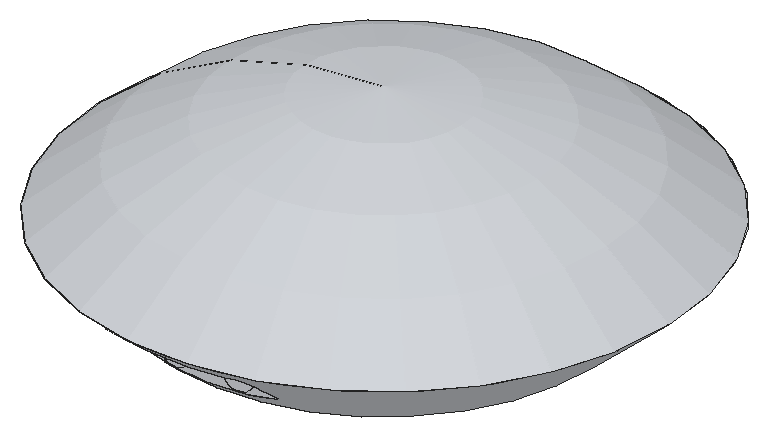
Revit family "0049008 Sylvania Lighting Fixture Start Surface IP66 1450lm 830 EM IK10 WHT", category Lighting Fixtures, host Face, Revit 2016
Family settings
  Host = Face
  Part Type = Normal
  Round Connector Dimension = Use Diameter
  OmniClass Number = 23.80.70.00
  OmniClass Title = Lighting
  Cut with Voids When Loaded = No
  Light Source = Yes
  Shared = No
  Room Calculation Point = No
Parameters (values of type "Type Name")
  power entry width = 90 mm
  power entry height = 28 mm
  power connector height = 12.5 mm
  power connector centres = 39 mm
  height = 110 mm
  connector position 2 = 40 mm
  connector length = 2 mm
  base height = 40 mm
  backplate diameter = 256 mm
  Weight = ""
  Wattage Comments = ""
  Wattage = 9.2903 W
  WarrantyStartDate [instance] = "n/a"
  WarrantyGuarantorParts = "n/a"
  WarrantyDurationUnit = "n/a"
  WarrantyDurationParts = "n/a"
  WarrantyDescription = "n/a"
  built-in parameter 1150110 = 1 (stored number, unit not read)
  Voltage = 0 V
  URL = "http://www.feilosylvania.com"
  TypeName = ""
  Type Image = <None>
  Type Comments = "n/a"
  Tube Diameter = 80 mm
  built-in parameter 1114217 = 1 (stored number, unit not read)
  Tilt Angle = 90.00°
  built-in parameter 1150109 = 1 (stored number, unit not read)
  built-in parameter 1150134 = 3
  built-in parameter 1150113 = 1 (stored number, unit not read)
  SerialNumber [instance] = "n/a"
  Photometric Web File = "0049008.ies"
  Material_3_FEILO = none
  PowerFactor = 0
  PowerConsumption = ""
  NominalLength = 0 mm
  NominalHeight = 0 mm
  NominalDepth = 0 mm
  Name = ""
  ModelReference = Name  # ""
  ModelNumber = ""
  Model = Name  # ""
  Material = ""
  ManufacturerName = "Feilo Sylvania"
  Manufacturer = "Feilo Sylvania"
  LuminousEfficacy = ""
  built-in parameter 1150105 = 109.82 (stored number, unit not read)
  Lumens = 1380 lm
  LuminaireType = ""
  built-in parameter 1150115 = 1 (stored number, unit not read)
  LightOutputRatio = ""
  built-in parameter 1150137 = (empty or 0)
  built-in parameter 1150139 = (empty or 0)
  LampsType = Lamp  # ""
  LampNominalLuminous = ""
  LampMacAdamStep = ""
  LampColourTemperature = ""
  LampColourRenderingIndex = ""
  built-in parameter 1150112 = 1 (stored number, unit not read)
  built-in parameter 1150114 = 1 (stored number, unit not read)
  Lamp = ""
  Keynote = "16500"
  InstallationDate [instance] = "n/a"
  InputVoltage = ""
  InputNominalFrequency = ""
  built-in parameter 1150132 = (empty or 0)
  built-in parameter 1150102 = (empty or 0)
  built-in parameter 1150107 = 3200 (stored number, unit not read)
  built-in parameter 1150138 = (empty or 0)
  IngressProtection = ""
  ImpactProtectionIndex = ""
  built-in parameter 1150106 = 1.0982 (stored number, unit not read)
  IfcExportType = "IfcLightFixtureType"
  IfcExportAs = "IfcLightFixtureType"
  Height = 250 mm
  ExpectedLife = 50000
  Emit from Circle Diameter = 609.6 mm
  Emit Shape Visible in Rendering = no
  ElectricShockClassification = ""
  built-in parameter 1150104 = 13.8 (stored number, unit not read)
  DurationUnit = "hours"
  DocumentationLiterature = ""
  DimmingControlOptions = ""
  Material_2_FEILO = none
  Dimming Lamp Color Temperature Shift = <None>
  Diameter = 350 mm
  Description = ""
  Default Elevation = 1219.2 mm
  CreatedOn = ""
  CreatedBy = ""
  Cost = 0
  Color Filter = 16777215
  built-in parameter 1114216 [instance] = (empty or 0)
  ClassificationValue = "EF_70_80"
  ClassificationName = "Uniclass2015"
  Material_1_FEILO = none
  BarCode [instance] = "n/a"
  built-in parameter 1114218 = 1 (stored number, unit not read)
  built-in parameter 1150133 = 10 (stored number, unit not read)
  AssetType = ""
  AssetIdentifier [instance] = "n/a"
  Assembly Code = "D5020200"
  Apparent Load = 0 VA
  Material_4_FEILO = none
Reference planes
  plane 1 "Center (Front/Back)": y = 0
  plane 2: z = 0
  plane 3 "Center (Left/Right)": x = 0
  plane 4: z = 0
  plane 5: y = 128
  plane 6: y = -128
  plane 7: y = 175
  plane 8: y = -175
  plane 9: z = 40
  plane 10: z = 110
  plane 11: x = -45.686
  plane 12: x = 44.314
  plane 13: z = 5
  plane 14: z = 33
  plane 15: y = -135
  plane 16: x = 19.5
  plane 17: x = -19.5
  plane 18: z = 20.5
  plane 19: y = -137
  plane 20: y = 135
Forms (mm)
  Blend 1, solid, detail levels medium+fine
    base sketch origin (4.2, 0, 0) x (1, 0, 0) y (0, 1, 0)
      loop
        circle (-4.2, 0) r 128
    top sketch origin (4.2, 0, 0) x (1, 0, 0) y (0, 1, 0)
      loop
        circle (-4.2, 0) r 175
    from 0 to 40
  Revolve 2, solid, detail levels medium+fine
    sketch origin (0, 0, 0) x (1, 0, 0) y (0, 0, 1)
      loop
        arc (175, 40) -> (94.148, 91.621) -> (0, 110) r 257.018
        line (0, 110) -> (0, 40) -> (175, 40)
      axis (0, 110) -> (0, 40)
    angle from -180 to 179.914
  Extrusion 3, void
    sketch origin (0, 0, 0) x (1, 0, 0) y (0, 0, 1)
      loop
        line (-45.686, 25.025) -> (-45.686, 5) -> (44.314, 5) -> (44.314, 25.025)
        arc (44.314, 25.025) -> (42.644, 30.018) -> (38.304, 33) r 8.297
        line (38.304, 33) -> (-39.676, 33)
        arc (-39.676, 33) -> (-44.015, 30.018) -> (-45.686, 25.025) r 8.297
    from 135 to 166.869
  Extrusion 4, solid, detail levels fine
    sketch origin (1524, -324.9, 1219.2) x (1, 0, 0) y (0, 0, 1)
      loop
        circle (-1504.5, -1198.7) r 11
      loop
        circle (-1543.5, -1198.7) r 11
    from -189.9 to -187.9
  Extrusion 5, void
    sketch origin (-0.686, -5.131, 0) x (-1, 0, 0) y (0, 0, 1)
      loop
        line (-45.686, 25.025) -> (-45.686, 5) -> (44.314, 5) -> (44.314, 25.025)
        arc (44.314, 25.025) -> (42.644, 30.018) -> (38.304, 33) r 8.297
        line (38.304, 33) -> (-39.676, 33)
        arc (-39.676, 33) -> (-44.015, 30.018) -> (-45.686, 25.025) r 8.297
    from 140.131 to 175.131
  Extrusion 6, solid
    sketch origin (1524, -52.9, 1219.2) x (1, 0, 0) y (0, 0, 1)
      loop
        circle (-1504.5, -1198.7) r 11
      loop
        circle (-1543.5, -1198.7) r 11
    from -189.9 to -187.9
  Extrusion 7, solid, detail levels coarse
    sketch origin (0, 1219.2, 38) x (1, 0, 0) y (0, 1, 0)
      loop
        line (175.117, -1396.13) -> (175.117, -1044.2) -> (-175, -1044.2) -> (-175, -1396.13) -> (175.117, -1396.13)
    from -38 to 72
Cuts and joins
  Extrusion 3, Extrusion 5 cuts Blend 1
  Extrusion 5 cuts Extrusion 4
Dimensions and locks
  "backplate diameter": plane 5 to plane 6
  equal spacing: plane 5, plane 1 "Center (Front/Back)", plane 6
  "Diameter": plane 7 to plane 8
  equal spacing: plane 7, plane 1 "Center (Front/Back)", plane 8
  "base height": plane 9 to level
  "height": plane 10 to host face
  "power entry width": plane 12 to plane 11
  plane 12 to imposter light to plane 11 = 44.201 mm, 45.799 mm
  "power entry height": plane 14 to plane 13
  "power connector centres": plane 17 to plane 16
  equal spacing: plane 17, plane 3 "Center (Left/Right)", plane 16
  "power connector height": plane 18 to plane 14
  "connector length": plane 15 to plane 19
  "connector position 2": plane 7 to plane 20
  aligned and locked: plane 2 to host face
  aligned and locked: level to host face
  aligned and locked: plane 10 to Extrusion 7
Automatic sketch dimensions
  host sketch curve to host sketch curve = 2438.4 mm  (x2)
  plane 1 "Center (Front/Back)" to Blend 1 sketch curve = 0 mm  (x2)
  Blend 1 sketch curve to plane 3 "Center (Left/Right)" = 0 mm  (x2)
  Revolve 2 sketch curve to plane 3 "Center (Left/Right)" = 0 mm  (x2)
  Revolve 2 sketch curve to plane 9 = 0 mm
  Revolve 2 sketch curve to plane 10 = 0 mm
  Revolve 2 sketch curve to plane 3 "Center (Left/Right)" = 1.306 mm
  plane 3 "Center (Left/Right)" to Revolve 2 sketch curve = 175 mm
  Revolve 2 sketch curve to level = 47.821 mm
  Revolve 2 sketch curve to Revolve 2 sketch curve = 80 mm
  Extrusion 3 sketch curve to plane 11 = 0 mm
  Extrusion 3 sketch curve to plane 14 = 0 mm
  Extrusion 3 sketch curve to plane 12 = 0 mm
  Extrusion 3 sketch curve to plane 13 = 0 mm
  plane 11 to Extrusion 3 sketch curve = 6.01 mm
  plane 18 to Extrusion 3 sketch curve = 4.525 mm  (x2)
  Extrusion 3 sketch curve to Extrusion 3 sketch curve = 8.297 mm
  plane 17 to Extrusion 4 sketch curve = 0 mm
  plane 16 to Extrusion 4 sketch curve = 0 mm
  Extrusion 4 sketch curve to plane 18 = 0 mm  (x2)
  Extrusion 5 sketch curve to plane 13 = 0 mm
  Extrusion 5 sketch curve to plane 14 = 0 mm
  plane 12 to Extrusion 5 sketch curve = 0.686 mm
  Extrusion 5 sketch curve to plane 12 = 5.324 mm
  plane 18 to Extrusion 5 sketch curve = 4.525 mm
  plane 11 to Extrusion 5 sketch curve = 8.982 mm
  plane 11 to Extrusion 5 sketch curve = 6.696 mm
  plane 11 to Extrusion 5 sketch curve = 0.686 mm
  plane 17 to Extrusion 6 sketch curve = 0 mm
  plane 16 to Extrusion 6 sketch curve = 0 mm
  Extrusion 6 sketch curve to plane 18 = 0 mm  (x2)
  Extrusion 7 sketch curve to plane 8 = 1.93 mm
  Extrusion 7 sketch curve to plane 11 = 129.314 mm
  plane 12 to Extrusion 7 sketch curve = 130.802 mm
  plane 5 to Extrusion 7 sketch curve = 47 mm
  radius of Blend 1 sketch curve = 128 mm
  radius of Blend 1 sketch curve = 175 mm
  radius of Extrusion 4 sketch curve = 11 mm  (x2)
  radius of Extrusion 6 sketch curve = 11 mm  (x2)
Connectors
  electrical at (19.5, 137, 20.5)
    settings: on Extrusion 6, index 1, voltage 0 V, apparent load 0 VA, apparent load phase1 0 VA, apparent load phase2 0 VA, apparent load phase3 0 VA, power factor 1, load classification "Other", number of poles 1, system type 31, power factor state 1, is connector primary yes, connector utility no, sub classification motor no, connector description ""
